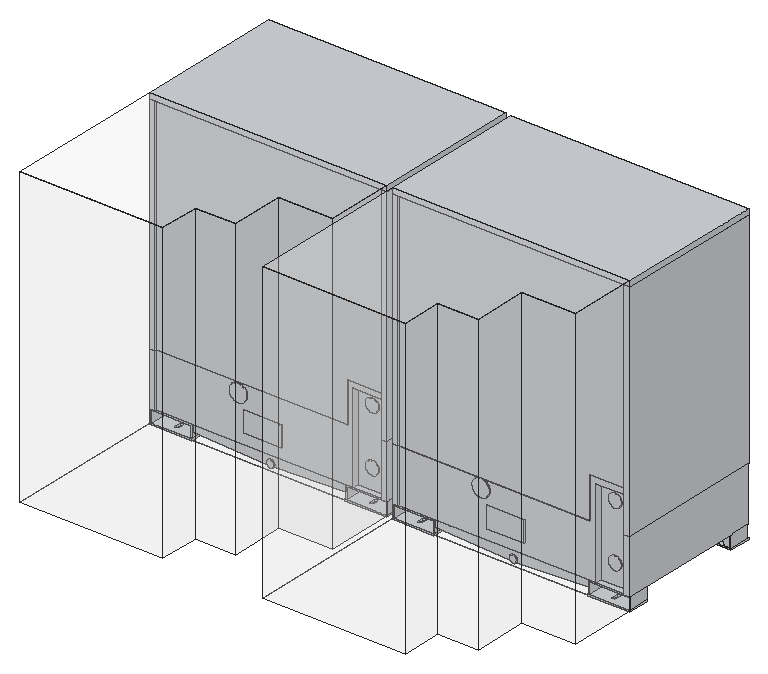
Revit family "pqry-p224_1000(s)dmg5_50Hz", category 機械設備, Revit 2019 (continued)
Types (21, lengths in mm): name | 音響パワーレベル(dB) | 電動機出力_圧縮機 | 運転質量 | 製品質量 | 熱源水量 | 消費電力_暖房 | 消費電力_冷房 | 消費電力 | 水熱交換機器　保有水量 | 最小電線太さ_mm2 | 暖房能力 | 損失水頭_熱源水一次側 | 推奨ブレーカー容量 | 冷媒液管径 | 冷媒ガス管径 | ユニット2 | 冷房能力 | 冷媒管径符号 | ユニット数 | ユニット2電源幅 | ユニット2ダクト左位置 | ユニット2水配管出口高さ | ユニット2水配管出口幅 | ユニット2水配管入口高さ | ユニット2水配管入口幅 | ユニット2冷媒高圧径 | ユニット2冷媒管高さ | ユニット2冷媒管幅 | ユニット2冷媒管奥行き | ユニット2冷媒低圧径 | ユニット2ドレン幅 | ユニット2表示 | ユニット1 | ユニット1電源幅 | ユニット1ダクト左位置 | ユニット1水配管出口高さ | ユニット1水配管出口幅 | ユニット1水配管入口高さ | ユニット1水配管入口幅 | ユニット1冷媒高圧径 | ユニット1冷媒管高さ | ユニット1冷媒管幅 | ユニット1冷媒管奥行き | ユニット1冷媒低圧径 | ユニット1ドレン幅 | モデル | URL | Height
  PQRY-P335DMG5 | 72.5 | 7.9 kW | 180.00 kg | 175.00 kg | 5.76 m³/h | 6.55 kW | 7.77 kW | 7.77 kW | 5 | 14 | 37.5 kW | 24000.0 Pa | 40 A | 19.05 | 22.20 | PQRY-P-DMG① : PQRY-P335DMG5 | 33.5 kW | "Ef" | 1 | 555.00 | 394.00 | 208.00 | 77.00 | 124.00 | 77.00 | 19.05 | 185.00 | 463.50 | 91.00 | 22.20 | 435.00 | no | PQRY-P-DMG① : PQRY-P335DMG5 | 555.00 | 394.00 | 208.00 | 77.00 | 124.00 | 77.00 | 19.05 | 185.00 | 463.50 | 91.00 | 22.20 | 435.00 | "PQRY-P335DMG5" | "https://www.mitsubishielectric.co.jp/ldg/wink/ssl/displayProduct.do?pid=281545&ccd=2020121121&spid=281535" | 1100.00
  PQRY-P400DMG5 | 66 | 9.5 kW | 264.00 kg | 254.00 kg | 11.52 m³/h | 7.46 kW | 8.84 kW | 8.84 kW | 10 | 14 | 45 kW | 45000.0 Pa | 50 A | 19.05 | 25.40 | PQRY-P-DMG② : PQRY-P400DMG5 | 40 kW | "Eｇ" | 1 | 554.00 | 393.00 | 320.00 | 82.00 | 367.00 | 82.00 | 19.05 | 278.00 | 467.50 | 84.00 | 25.40 | 434.00 | no | PQRY-P-DMG② : PQRY-P400DMG5 | 554.00 | 393.00 | 320.00 | 82.00 | 367.00 | 82.00 | 19.05 | 278.00 | 467.50 | 84.00 | 25.40 | 434.00 | "PQRY-P400DMG5" | "https://www.mitsubishielectric.co.jp/ldg/wink/ssl/displayProduct.do?ccd=2020121121&pid=281536" | 1450.00
  PQRY-P450DMG5 | 67.5 | 10.2 kW | 264.00 kg | 254.00 kg | 11.52 m³/h | 7.9 kW | 9.84 kW | 9.84 kW | 10 | 14 | 50 kW | 45000.0 Pa | 50 A | 22.20 | 28.58 | PQRY-P-DMG② : PQRY-P450DMG5 | 45 kW | "Fh" | 1 | 554.00 | 393.00 | 320.00 | 82.00 | 367.00 | 82.00 | 22.20 | 278.00 | 467.50 | 84.00 | 28.58 | 434.00 | no | PQRY-P-DMG② : PQRY-P450DMG5 | 554.00 | 393.00 | 320.00 | 82.00 | 367.00 | 82.00 | 22.20 | 278.00 | 467.50 | 84.00 | 28.58 | 434.00 | "PQRY-P450DMG5" | "https://www.mitsubishielectric.co.jp/ldg/wink/ssl/displayProduct.do?pid=281550&ccd=2020121121&spid=281537" | 1450.00
  PQRY-P500DMG5 | 70.5 | 12.3 kW | 264.00 kg | 254.00 kg | 11.52 m³/h | 9.84 kW | 12.93 kW | 12.93 kW | 10 | 22 | 56 kW | 45000.0 Pa | 75 A | 22.20 | 28.58 | PQRY-P-DMG② : PQRY-P500DMG5 | 50 kW | "Fh" | 1 | 554.00 | 393.00 | 320.00 | 82.00 | 367.00 | 82.00 | 22.20 | 278.00 | 467.50 | 84.00 | 28.58 | 434.00 | no | PQRY-P-DMG② : PQRY-P500DMG5 | 554.00 | 393.00 | 320.00 | 82.00 | 367.00 | 82.00 | 22.20 | 278.00 | 467.50 | 84.00 | 28.58 | 434.00 | "PQRY-P500DMG5" | "https://www.mitsubishielectric.co.jp/ldg/wink/ssl/displayProduct.do?pid=281538" | 1450.00
  PQRY-P560DMG5 | 72 | 13.3 kW | 264.00 kg | 254.00 kg | 11.52 m³/h | 11.61 kW | 14.65 kW | 14.65 kW | 10 | 22 | 63 kW | 45000.0 Pa | 75 A | 22.20 | 28.58 | PQRY-P-DMG② : PQRY-P560DMG5 | 56 kW | "Fh" | 1 | 554.00 | 393.00 | 320.00 | 82.00 | 367.00 | 82.00 | 22.20 | 278.00 | 467.50 | 84.00 | 28.58 | 434.00 | no | PQRY-P-DMG② : PQRY-P560DMG5 | 554.00 | 393.00 | 320.00 | 82.00 | 367.00 | 82.00 | 22.20 | 278.00 | 467.50 | 84.00 | 28.58 | 434.00 | "PQRY-P560DMG5" | "https://www.mitsubishielectric.co.jp/ldg/wink/ssl/displayProduct.do?ccd=2020121121&pid=281539" | 1450.00
  PQRY-P630DMG5 | 73 | 16 kW | 264.00 kg | 254.00 kg | 11.52 m³/h | 13.37 kW | 18.58 kW | 18.58 kW | 10 | 22 | 69 kW | 45000.0 Pa | 75 A | 25.40 | 28.58 | PQRY-P-DMG② : PQRY-P630DMG5 | 63 kW | "Gh" | 1 | 554.00 | 393.00 | 320.00 | 82.00 | 367.00 | 82.00 | 25.40 | 278.00 | 467.50 | 84.00 | 28.58 | 434.00 | no | PQRY-P-DMG② : PQRY-P630DMG5 | 554.00 | 393.00 | 320.00 | 82.00 | 367.00 | 82.00 | 25.40 | 278.00 | 467.50 | 84.00 | 28.58 | 434.00 | "PQRY-P630DMG5" | "https://www.mitsubishielectric.co.jp/ldg/wink/ssl/displayProduct.do?pid=281540" | 1450.00
  PQRY-P670DMG5 | 73.5 | 16.1 kW | 264.00 kg | 254.00 kg | 11.52 m³/h | 16.76 kW | 19.78 kW | 19.78 kW | 10 | 22 | 77.5 kW | 45000.0 Pa | 125 A | 25.40 | 31.75 | PQRY-P-DMG② : PQRY-P670DMG5 | 67 kW | "Gi" | 1 | 554.00 | 393.00 | 320.00 | 82.00 | 367.00 | 82.00 | 25.40 | 278.00 | 467.50 | 84.00 | 31.75 | 434.00 | no | PQRY-P-DMG② : PQRY-P670DMG5 | 554.00 | 393.00 | 320.00 | 82.00 | 367.00 | 82.00 | 25.40 | 278.00 | 467.50 | 84.00 | 31.75 | 434.00 | "PQRY-P670DMG5" | "https://www.mitsubishielectric.co.jp/ldg/wink/ssl/displayProduct.do?ccd=2020121121&pid=281541" | 1450.00
  PQRY-P355KDMG5 | 72.5 | 9 kW | 264.00 kg | 254.00 kg | 11.52 m³/h | 0 kW | 0 kW | 0 kW | 10 | 0 | 0 kW | 45000.0 Pa | 0 A | 19.05 | 25.40 | PQRY-P-DMG② : PQRY-P355KDMG5 | 0 kW | "" | 1 | 554.00 | 393.00 | 320.00 | 82.00 | 367.00 | 82.00 | 19.05 | 278.00 | 467.50 | 84.00 | 25.40 | 434.00 | no | PQRY-P-DMG② : PQRY-P355KDMG5 | 554.00 | 393.00 | 320.00 | 82.00 | 367.00 | 82.00 | 19.05 | 278.00 | 467.50 | 84.00 | 25.40 | 434.00 | "PQRY-P355KDMG5" | "https://www.mitsubishielectric.co.jp/ldg/wink/ssl/displayProduct.do?ccd=2020121121&pid=281553" | 1450.00
  PQRY-P450SDMG5 | 65.5 | 10.2 kW | 360.00 kg | 350.00 kg | 11.52 m³/h | 7.28 kW | 8.45 kW | 8.45 kW | 10 | 14 | 50 kW | 24000.0 Pa | 0 A | 22.20 | 28.58 | PQRY-P-DMG① : PQRY-P224DMG5 | 45 kW | "Fh" | 2 | 555.00 | 394.00 | 208.00 | 77.00 | 124.00 | 77.00 | 15.88 | 185.00 | 463.50 | 91.00 | 19.05 | 435.00 | yes | PQRY-P-DMG① : PQRY-P224DMG5 | 555.00 | 394.00 | 208.00 | 77.00 | 124.00 | 77.00 | 15.88 | 185.00 | 463.50 | 91.00 | 19.05 | 435.00 | "PQRY-P450SDMG5" | "https://www.mitsubishielectric.co.jp/ldg/wink/ssl/displayProduct.do?ccd=2020121121&pid=281542" | 1100.00
  PQRY-P500SDMG5 | 69.5 | 12.2 kW | 360.00 kg | 350.00 kg | 11.52 m³/h | 8.93 kW | 10.52 kW | 10.52 kW | 10 | 22 | 56 kW | 24000.0 Pa | 0 A | 22.20 | 28.58 | PQRY-P-DMG① : PQRY-P224DMG5 | 50 kW | "Fh" | 2 | 555.00 | 394.00 | 208.00 | 77.00 | 124.00 | 77.00 | 15.88 | 185.00 | 463.50 | 91.00 | 19.05 | 435.00 | yes | PQRY-P-DMG① : PQRY-P280DMG5 | 555.00 | 394.00 | 208.00 | 77.00 | 124.00 | 77.00 | 19.05 | 185.00 | 463.50 | 91.00 | 22.20 | 435.00 | "PQRY-P500SDMG5" | "https://www.mitsubishielectric.co.jp/ldg/wink/ssl/displayProduct.do?ccd=2020121121&pid=281543" | 1100.00
  PQRY-P560SDMG5 | 71.5 | 13.3 kW | 360.00 kg | 350.00 kg | 11.52 m³/h | 10.62 kW | 12.61 kW | 12.61 kW | 10 | 22 | 63 kW | 24000.0 Pa | 0 A | 22.20 | 28.58 | PQRY-P-DMG① : PQRY-P280DMG5 | 56 kW | "Fh" | 2 | 555.00 | 394.00 | 208.00 | 77.00 | 124.00 | 77.00 | 19.05 | 185.00 | 463.50 | 91.00 | 22.20 | 435.00 | yes | PQRY-P-DMG① : PQRY-P280DMG5 | 555.00 | 394.00 | 208.00 | 77.00 | 124.00 | 77.00 | 19.05 | 185.00 | 463.50 | 91.00 | 22.20 | 435.00 | "PQRY-P560SDMG5" | "https://www.mitsubishielectric.co.jp/ldg/wink/ssl/displayProduct.do?ccd=2020121121&pid=281544" | 1100.00
  PQRY-P630SDMG5 | 67.5 | 15 kW | 360.00 kg | 350.00 kg | 11.52 m³/h | 11.75 kW | 14.54 kW | 14.54 kW | 10 | 38 | 69 kW | 24000.0 Pa | 0 A | 25.40 | 28.58 | PQRY-P-DMG① : PQRY-P280DMG5 | 63 kW | "Gh" | 2 | 555.00 | 394.00 | 208.00 | 77.00 | 124.00 | 77.00 | 19.05 | 185.00 | 463.50 | 91.00 | 22.20 | 435.00 | yes | PQRY-P-DMG① : PQRY-P335DMG5 | 555.00 | 394.00 | 208.00 | 77.00 | 124.00 | 77.00 | 19.05 | 185.00 | 463.50 | 91.00 | 22.20 | 435.00 | "PQRY-P630SDMG5" | "https://www.mitsubishielectric.co.jp/ldg/wink/ssl/displayProduct.do?ccd=2020121121&pid=281545" | 1100.00
  PQRY-P670SDMG5 | 75.5 | 15.8 kW | 360.00 kg | 350.00 kg | 11.52 m³/h | 13.79 kW | 16.34 kW | 16.34 kW | 10 | 38 | 77.5 kW | 24000.0 Pa | 0 A | 25.40 | 31.75 | PQRY-P-DMG① : PQRY-P335DMG5 | 67 kW | "Gi" | 2 | 555.00 | 394.00 | 208.00 | 77.00 | 124.00 | 77.00 | 19.05 | 185.00 | 463.50 | 91.00 | 22.20 | 435.00 | yes | PQRY-P-DMG① : PQRY-P335DMG5 | 555.00 | 394.00 | 208.00 | 77.00 | 124.00 | 77.00 | 19.05 | 185.00 | 463.50 | 91.00 | 22.20 | 435.00 | "PQRY-P670SDMG5" | "https://www.mitsubishielectric.co.jp/ldg/wink/ssl/displayProduct.do?pid=281546" | 1100.00
  PQRY-P730SDMG5 | 68 | 18 kW | 528.00 kg | 508.00 kg | 23.04 m³/h | 13.93 kW | 16.97 kW | 16.97 kW | 20 | 38 | 82.5 kW | 90000.0 Pa | 0 A | 25.40 | 31.75 | PQRY-P-DMG② : PQRY-P355KDMG5 | 73 kW | "Gi" | 2 | 554.00 | 393.00 | 320.00 | 82.00 | 367.00 | 82.00 | 19.05 | 278.00 | 467.50 | 84.00 | 25.40 | 434.00 | yes | PQRY-P-DMG② : PQRY-P355KDMG5 | 554.00 | 393.00 | 320.00 | 82.00 | 367.00 | 82.00 | 19.05 | 278.00 | 467.50 | 84.00 | 25.40 | 434.00 | "PQRY-P730SDMG5" | "https://www.mitsubishielectric.co.jp/ldg/wink/ssl/displayProduct.do?pid=281547" | 1450.00
  PQRY-P775SDMG5 | 69 | 19 kW | 528.00 kg | 508.00 kg | 23.04 m³/h | 15.2 kW | 18.02 kW | 18.02 kW | 20 | 60 | 90 kW | 90000.0 Pa | 0 A | 28.58 | 31.75 | PQRY-P-DMG② : PQRY-P400DMG5 | 77.5 kW | "Hi" | 2 | 554.00 | 393.00 | 320.00 | 82.00 | 367.00 | 82.00 | 19.05 | 278.00 | 467.50 | 84.00 | 25.40 | 434.00 | yes | PQRY-P-DMG② : PQRY-P400DMG5 | 554.00 | 393.00 | 320.00 | 82.00 | 367.00 | 82.00 | 19.05 | 278.00 | 467.50 | 84.00 | 25.40 | 434.00 | "PQRY-P775SDMG5" | "https://www.mitsubishielectric.co.jp/ldg/wink/ssl/displayProduct.do?ccd=2020121121&pid=281548" | 1450.00
  PQRY-P850SDMG5 | 70 | 19.7 kW | 528.00 kg | 508.00 kg | 23.04 m³/h | 15.65 kW | 19.63 kW | 19.63 kW | 20 | 60 | 95 kW | 90000.0 Pa | 0 A | 28.58 | 31.75 | PQRY-P-DMG② : PQRY-P400DMG5 | 85 kW | "Hi" | 2 | 554.00 | 393.00 | 320.00 | 82.00 | 367.00 | 82.00 | 19.05 | 278.00 | 467.50 | 84.00 | 25.40 | 434.00 | yes | PQRY-P-DMG② : PQRY-P450DMG5 | 554.00 | 393.00 | 320.00 | 82.00 | 367.00 | 82.00 | 22.20 | 278.00 | 467.50 | 84.00 | 28.58 | 434.00 | "PQRY-P850SDMG5" | "https://www.mitsubishielectric.co.jp/ldg/wink/ssl/displayProduct.do?ccd=2020121121&pid=281549" | 1450.00
  PQRY-P900SDMG5 | 70.5 | 20.4 kW | 528.00 kg | 508.00 kg | 23.04 m³/h | 22.07 kW | 21.07 kW | 22.07 kW | 20 | 60 | 100 kW | 90000.0 Pa | 0 A | 28.58 | 31.75 | PQRY-P-DMG② : PQRY-P450DMG5 | 90 kW | "Hi" | 2 | 554.00 | 393.00 | 320.00 | 82.00 | 367.00 | 82.00 | 22.20 | 278.00 | 467.50 | 84.00 | 28.58 | 434.00 | yes | PQRY-P-DMG② : PQRY-P450DMG5 | 554.00 | 393.00 | 320.00 | 82.00 | 367.00 | 82.00 | 22.20 | 278.00 | 467.50 | 84.00 | 28.58 | 434.00 | "PQRY-P900SDMG5" | "https://www.mitsubishielectric.co.jp/ldg/wink/ssl/displayProduct.do?pid=281550" | 1450.00
  PQRY-P950SDMG5 | 72.5 | 22.5 kW | 528.00 kg | 508.00 kg | 23.04 m³/h | 24.65 kW | 24.99 kW | 24.99 kW | 20 | 100 | 106 kW | 90000.0 Pa | 0 A | 28.58 | 38.10 | PQRY-P-DMG② : PQRY-P450DMG5 | 95 kW | "Hk" | 2 | 554.00 | 393.00 | 320.00 | 82.00 | 367.00 | 82.00 | 22.20 | 278.00 | 467.50 | 84.00 | 28.58 | 434.00 | yes | PQRY-P-DMG② : PQRY-P500DMG5 | 554.00 | 393.00 | 320.00 | 82.00 | 367.00 | 82.00 | 22.20 | 278.00 | 467.50 | 84.00 | 28.58 | 434.00 | "PQRY-P950SDMG5" | "https://www.mitsubishielectric.co.jp/ldg/wink/ssl/displayProduct.do?ccd=2020121121&pid=281551" | 1450.00
  PQRY-P1000SDMG5 | 73.5 | 24.6 kW | 528.00 kg | 508.00 kg | 23.04 m³/h | 27.45 kW | 28.81 kW | 28.81 kW | 20 | 100 | 112 kW | 90000.0 Pa | 0 A | 28.58 | 38.10 | PQRY-P-DMG② : PQRY-P500DMG5 | 100 kW | "Hk" | 2 | 554.00 | 393.00 | 320.00 | 82.00 | 367.00 | 82.00 | 22.20 | 278.00 | 467.50 | 84.00 | 28.58 | 434.00 | yes | PQRY-P-DMG② : PQRY-P500DMG5 | 554.00 | 393.00 | 320.00 | 82.00 | 367.00 | 82.00 | 22.20 | 278.00 | 467.50 | 84.00 | 28.58 | 434.00 | "PQRY-P1000SDMG5" | "https://www.mitsubishielectric.co.jp/ldg/wink/ssl/displayProduct.do?ccd=2020121121&pid=281552" | 1450.00
